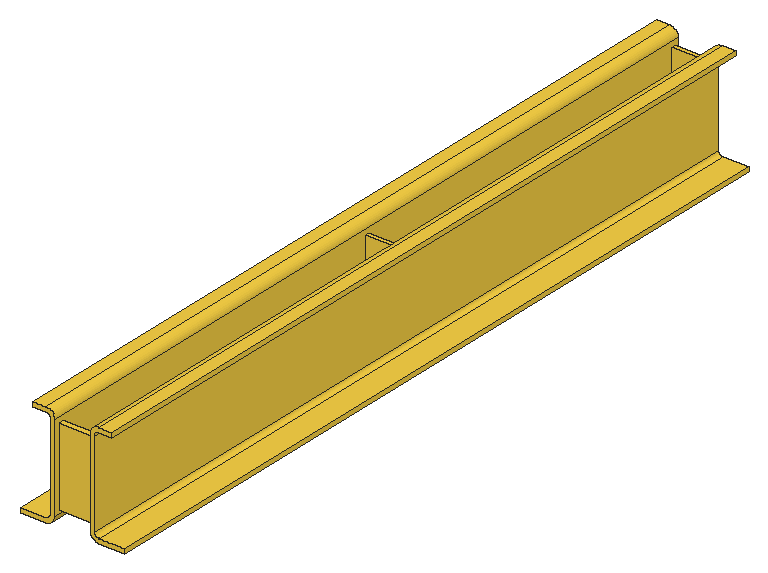
Revit family "MF_MEGA WALER  0,9 (3')_1904434", category Generic Models, Revit 2018
Family settings
  Can host rebar = No
  Round Connector Dimension = Use Diameter
  Part Type = Normal
  OmniClass Number = 35.51.14.00
  OmniClass Title = FORMWORK
  Work Plane-Based = Yes
  Always vertical = No
  Cut with Voids When Loaded = No
  Shared = Yes
  Room Calculation Point = No
Parameters (values of type "MF_MEGA WALER  0,9 (3')_1904434")
  VERSION = "20190101"  # constant formula
  URL = "www.ulmaconstruction.com/en"
  UNICLASS = ""
  ITEM_CODE = "1904434"
  Manufacturer = "ULMA CONSTRUCTION"  # constant formula
  FILTER [instance] = ""
  Default Elevation = 0.000 mm
  CLASSIFICATION_TITLE = ""
  CLASSIFICATION_NUMBER = ""
Reference planes
  plane 1 "Centro (Frontal/Posterior)": y = 0
  plane 2: z = 0
  plane 3 "Centro (Izquierda/Derecha)": x = 0
  plane 4 "WALER END": y = 450
  plane 5 "WALER START": y = -450
Forms (mm)
  Extrusion 1, solid, material "ULMA YELLOW", detail levels fine
    sketch origin (0, 0, 0) x (1, 0, 0) y (0, 0, 1)
      loop
        line (-45.625, 120) -> (-45.625, 115) -> (-30.625, 115)
        arc (-30.625, 115) -> (-27.089, 113.536) -> (-25.625, 110) r 5
        line (-25.625, 110) -> (-25.625, 10)
        arc (-25.625, 10) -> (-27.089, 6.464) -> (-30.625, 5) r 5
        line (-30.625, 5) -> (-60.625, 5) -> (-60.625, 0) -> (-30.625, 0)
        arc (-30.625, 0) -> (-23.554, 2.929) -> (-20.625, 10) r 10
        line (-20.625, 10) -> (-20.625, 110)
        arc (-20.625, 110) -> (-23.554, 117.071) -> (-30.625, 120) r 10
        line (-30.625, 120) -> (-45.625, 120)
      loop
        line (45.625, 120) -> (30.625, 120)
        arc (30.625, 120) -> (23.554, 117.071) -> (20.625, 110) r 10
        line (20.625, 110) -> (20.625, 10)
        arc (20.625, 10) -> (23.554, 2.929) -> (30.625, 0) r 10
        line (30.625, 0) -> (60.625, 0) -> (60.625, 5) -> (30.625, 5)
        arc (30.625, 5) -> (27.089, 6.464) -> (25.625, 10) r 5
        line (25.625, 10) -> (25.625, 110)
        arc (25.625, 110) -> (27.089, 113.536) -> (30.625, 115) r 5
        line (30.625, 115) -> (45.625, 115) -> (45.625, 120)
    from -450 to 450
  Extrusion 2, solid, material "ULMA YELLOW", detail levels fine
    sketch origin (0, 0, 0) x (1, 0, 0) y (0, 1, 0)
      loop
        line (-20.625, -439.75) -> (-20.625, -444.75) -> (20.625, -444.75) -> (20.625, -439.75) -> (-20.625, -439.75)
    from 15 to 105
  Extrusion 3, solid, material "ULMA YELLOW", detail levels fine
    sketch origin (0, 250, 0) x (1, 0, 0) y (0, 1, 0)
      loop
        line (-20.625, -247.5) -> (-20.625, -252.5) -> (20.625, -252.5) -> (20.625, -247.5) -> (-20.625, -247.5)
    from 15 to 105
  Extrusion 4, solid, material "ULMA YELLOW", detail levels fine
    sketch origin (0, -250, 0) x (1, 0, 0) y (0, 1, 0)
      loop
        line (-20.625, 694.75) -> (-20.625, 689.75) -> (20.625, 689.75) -> (20.625, 694.75) -> (-20.625, 694.75)
    from 15 to 105
  Extrusion 5, solid, material "ULMA YELLOW", detail levels coarse+medium
    sketch origin (0, 0, 0) x (1, 0, 0) y (0, 0, 1)
      loop
        line (60.625, 120) -> (-60.625, 120) -> (-60.625, 0) -> (60.625, 0) -> (60.625, 120)
    from -450 to 450
Dimensions and locks
  locked: plane 4 "WALER END" to plane 5 "WALER START" at 900
  aligned and locked: level to plane 2
  aligned and locked: plane 4 "WALER END" to Extrusion 1
  aligned and locked: Extrusion 1 to plane 5 "WALER START"
  aligned and locked: Extrusion 5 to plane 5 "WALER START"
  aligned and locked: plane 4 "WALER END" to Extrusion 5
